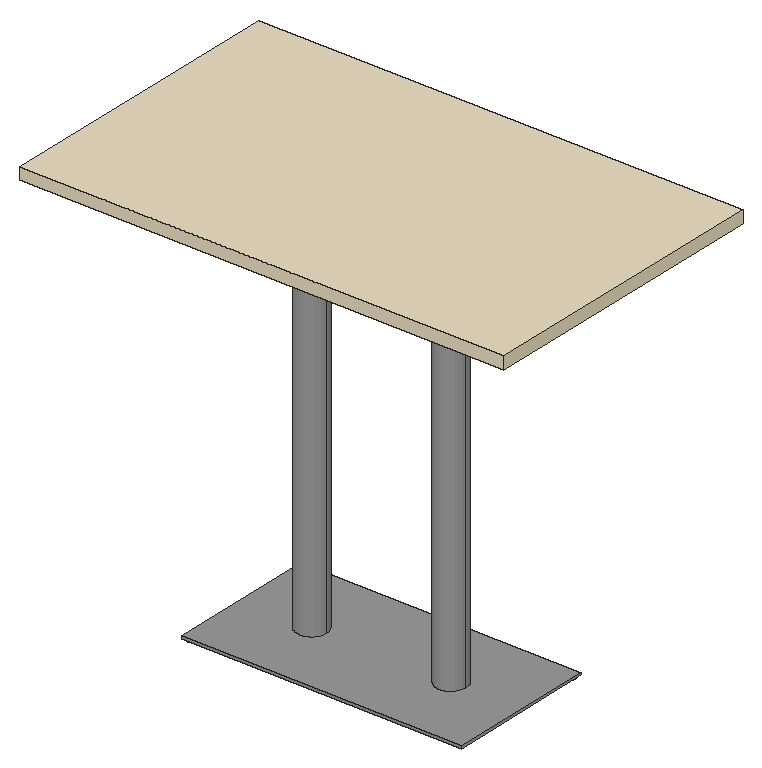
Revit family "FU_Table_Sandler_590AT-XT", category Furniture, Revit 2020
Family settings
  OmniClass Number = 23.40.20.00
  OmniClass Title = General Furniture and Specialties
  Work Plane-Based = No
  Always vertical = Yes
  Cut with Voids When Loaded = No
  Shared = No
  Room Calculation Point = No
Parameters (values of type "590AT-MT - 32x51" Top (80x130cm)")
  Width = 750 mm
  URL = "https://www.sandlerseating.com/product/591at-mt/"
  Top Size = FU_TableTops_MT Sqr : 32x52" Top (80x130cm)
  Top Finish [instance] = Wood - Beech - Honey Stained
  Model = "590AT-MT"
  Manufacturer = "Sandler"
  Height = 1100 mm
  Frame Finish [instance] = Metal - Steel - Polished
  Elevation = Height  # 1100 mm
  Description = "Double column table base in stainless steel."
  Depth = 400 mm
  Default Elevation = 0 mm
Types (4, lengths in mm): name | Top Size | Frame Finish
  590AT-MT - 28x48" Top (70x120cm) | FU_TableTops_MT Sqr : 28x48" Top (70x120cm) | Metal - Steel - Polished
  590AT-MT - 28x51" Top (70x130cm) | FU_TableTops_MT Sqr : 28x52" Top (70x130cm) | Metal - Steel - Matt-Satin
  590AT-MT - 32x48" Top (80x120cm) | FU_TableTops_MT Sqr : 32x48" Top (80x120cm) | Metal - Steel - Polished
  590AT-MT - 32x51" Top (80x130cm) | FU_TableTops_MT Sqr : 32x52" Top (80x130cm) | Metal - Steel - Polished
Reference planes
  plane 1 "Center (Front/Back)": y = 0
  plane 2: z = 0
  plane 3 "Center (Left/Right)": x = 0
  plane 4 "Right": x = -375
  plane 5 "Left": x = 375
  plane 6 "Back": y = 200
  plane 7 "Front": y = -200
  plane 8 "Height": z = 1100
  plane 9 "Glide height": z = 4
  plane 10 "LG H": y = 185.83
  plane 11: x = -360.83
  plane 12: x = -187.5
  plane 13: x = 187.5
Forms (mm)
  Extrusion 1, solid, material "Metal - Steel - Polished" <- "Frame Finish"
    sketch origin (0, 0, 4) x (-1, 0, 0) y (0, -1, 0)
      loop
        line (375, -200) -> (375, 200) -> (-375, 200) -> (-375, -200) -> (375, -200)
    from 0 to 6
  Revolve 2, solid, material "Rubber, Black"
    sketch origin (0, 185.83, 0) x (-1, 0, 0) y (0, 0, 1)
      loop
        line (372.33, 4) -> (360.83, 4) -> (360.83, 0) -> (370.33, 0)
        arc (370.33, 0) -> (371.744, 0.586) -> (372.33, 2) r 2
        line (372.33, 2) -> (372.33, 4)
      axis (360.83, 4) -> (360.83, 0)
    angle from 0 to 360
  Revolve 3, solid, material "Rubber, Black"
    sketch origin (0, 185.83, 0) x (1, 0, 0) y (0, 0, 1)
      loop
        line (372.33, 4) -> (362.33, 4) -> (362.33, 0) -> (370.33, 0)
        arc (370.33, 0) -> (371.744, 0.586) -> (372.33, 2) r 2
        line (372.33, 2) -> (372.33, 4)
      axis (362.33, 4) -> (362.33, 0)
    angle from 0 to 360
  Revolve 4, solid, material "Rubber, Black"
    sketch origin (0, -185.83, 0) x (-1, 0, 0) y (0, 0, -1)
      loop
        line (372.33, -4) -> (372.33, -2)
        arc (372.33, -2) -> (371.744, -0.586) -> (370.33, 0) r 2
        line (370.33, 0) -> (360.83, 0) -> (360.83, -4) -> (372.33, -4)
      axis (360.83, -4) -> (360.83, 0)
    angle from 0 to 360
  Revolve 5, solid, material "Rubber, Black"
    sketch origin (0, -185.83, 0) x (1, 0, 0) y (0, 0, 1)
      loop
        line (372.33, 4) -> (362.33, 4) -> (362.33, 0) -> (370.33, 0)
        arc (370.33, 0) -> (371.744, 0.586) -> (372.33, 2) r 2
        line (372.33, 2) -> (372.33, 4)
      axis (362.33, 4) -> (362.33, 0)
    angle from 0 to 360
  Revolve 6, solid, material "Rubber, Black"
    sketch origin (-360.83, 185.83, 0) x (1, 0, 0) y (0, 0, 1)
      loop
        line (370.83, 4) -> (360.83, 4) -> (360.83, 0) -> (368.83, 0)
        arc (368.83, 0) -> (370.244, 0.586) -> (370.83, 2) r 2
        line (370.83, 2) -> (370.83, 4)
      axis (360.83, 4) -> (360.83, 0)
    angle from 0 to 360
  Revolve 7, solid, material "Rubber, Black"
    sketch origin (-360.83, -185.83, 0) x (1, 0, 0) y (0, 0, 1)
      loop
        line (370.83, 4) -> (360.83, 4) -> (360.83, 0) -> (368.83, 0)
        arc (368.83, 0) -> (370.244, 0.586) -> (370.83, 2) r 2
        line (370.83, 2) -> (370.83, 4)
      axis (360.83, 4) -> (360.83, 0)
    angle from 0 to 360
  Extrusion 8, solid, material "Metal - Steel - Polished" <- "Frame Finish"
    sketch origin (0, 0, 4) x (-1, 0, 0) y (0, -1, 0)
      loop
        circle (187.5, 0) r 40
    from 6 to 1096
  Extrusion 9, solid, material "Metal - Steel - Polished" <- "Frame Finish"
    sketch origin (0, 0, 4) x (1, 0, 0) y (0, 1, 0)
      loop
        circle (187.5, 0) r 40
    from 6 to 1096
  Extrusion 10, solid, material "Metal - Steel - Polished" <- "Frame Finish"
    sketch origin (0, 0, 1100) x (-1, 0, 0) y (0, -1, 0)
      loop
        line (235.5, 44.024) -> (307.236, 117.26)
        arc (307.236, 117.26) -> (304.417, 120.065) -> (301.532, 122.802) r 167.789
        line (301.532, 122.802) -> (227.879, 47.718) -> (147.12, 47.718) -> (73.468, 122.802)
        arc (73.468, 122.802) -> (70.583, 120.065) -> (67.764, 117.26) r 167.789
        line (67.764, 117.26) -> (139.5, 44.024) -> (139.5, -44.024) -> (67.486, -116.038)
        arc (67.486, -116.038) -> (70.298, -118.884) -> (73.177, -121.661) r 166.741
        line (73.177, -121.661) -> (146.556, -48.282) -> (228.444, -48.282) -> (301.823, -121.661)
        arc (301.823, -121.661) -> (304.702, -118.884) -> (307.514, -116.038) r 166.741
        line (307.514, -116.038) -> (235.5, -44.024) -> (235.5, 44.024)
    from -5.84 to -20
  Extrusion 11, solid, material "Metal - Steel - Polished" <- "Frame Finish"
    sketch origin (0, 0, 1100) x (-1, 0, 0) y (0, -1, 0)
      loop
        arc (235.5, 9.198) -> (237.694, 20.46) -> (243.955, 30.074) r 30
        line (243.955, 30.074) -> (342.527, 133.309)
        arc (342.527, 133.309) -> (344.782, 138.939) -> (342.439, 144.533) r 8
        line (342.439, 144.533) -> (329.622, 157.35)
        arc (329.622, 157.35) -> (323.965, 159.693) -> (318.308, 157.35) r 8
        line (318.308, 157.35) -> (219.527, 57.069)
        arc (219.527, 57.069) -> (209.794, 50.566) -> (198.314, 48.282) r 30
        line (198.314, 48.282) -> (176.686, 48.282)
        arc (176.686, 48.282) -> (165.206, 50.566) -> (155.473, 57.069) r 30
        line (155.473, 57.069) -> (56.692, 157.35)
        arc (56.692, 157.35) -> (51.035, 159.693) -> (45.378, 157.35) r 8
        line (45.378, 157.35) -> (32.561, 144.533)
        arc (32.561, 144.533) -> (30.218, 138.939) -> (32.473, 133.309) r 8
        line (32.473, 133.309) -> (131.045, 30.074)
        arc (131.045, 30.074) -> (137.306, 20.46) -> (139.5, 9.198) r 30
        line (139.5, 9.198) -> (139.5, -9.198)
        arc (139.5, -9.198) -> (137.306, -20.46) -> (131.045, -30.074) r 30
        line (131.045, -30.074) -> (32.473, -131.809)
        arc (32.473, -131.809) -> (30.218, -137.439) -> (32.561, -143.033) r 8
        line (32.561, -143.033) -> (45.378, -155.85)
        arc (45.378, -155.85) -> (51.035, -158.193) -> (56.692, -155.85) r 8
        line (56.692, -155.85) -> (155.473, -57.069)
        arc (155.473, -57.069) -> (165.206, -50.566) -> (176.686, -48.282) r 30
        line (176.686, -48.282) -> (198.314, -48.282)
        arc (198.314, -48.282) -> (209.794, -50.566) -> (219.527, -57.069) r 30
        line (219.527, -57.069) -> (318.308, -155.85)
        arc (318.308, -155.85) -> (323.965, -158.193) -> (329.622, -155.85) r 8
        line (329.622, -155.85) -> (342.439, -143.033)
        arc (342.439, -143.033) -> (344.782, -137.439) -> (342.527, -131.809) r 8
        line (342.527, -131.809) -> (243.955, -30.074)
        arc (243.955, -30.074) -> (237.694, -20.46) -> (235.5, -9.198) r 30
        line (235.5, -9.198) -> (235.5, 9.198)
      loop
        line (53.101, -141.055) -> (62.998, -131.158)
        arc (62.998, -131.158) -> (62.998, -125.502) -> (57.342, -125.502) r 3.999
        line (57.342, -125.502) -> (47.445, -135.399)
        arc (47.445, -135.399) -> (47.5, -141.001) -> (53.101, -141.055) r 4
      loop
        arc (321.899, -141.055) -> (327.5, -141.001) -> (327.555, -135.399) r 4
        line (327.555, -135.399) -> (317.658, -125.502)
        arc (317.658, -125.502) -> (312.002, -125.502) -> (312.002, -131.158) r 3.999
        line (312.002, -131.158) -> (321.899, -141.055)
      loop
        arc (53.101, 142.555) -> (47.5, 142.501) -> (47.445, 136.899) r 4
        line (47.445, 136.899) -> (57.342, 127.002)
        arc (57.342, 127.002) -> (62.998, 127.002) -> (62.998, 132.658) r 3.999
        line (62.998, 132.658) -> (53.101, 142.555)
      loop
        line (321.899, 142.555) -> (312.002, 132.658)
        arc (312.002, 132.658) -> (312.002, 127.002) -> (317.658, 127.002) r 3.999
        line (317.658, 127.002) -> (327.555, 136.899)
        arc (327.555, 136.899) -> (327.5, 142.501) -> (321.899, 142.555) r 4
      loop
        circle (187.5, 0) r 7.5
    from -9.84 to 0
  Extrusion 12, solid, material "Metal - Steel - Polished" <- "Frame Finish"
    sketch origin (0, 0, 1100) x (1, 0, 0) y (0, 1, 0)
      loop
        line (235.5, -44.024) -> (235.5, 44.024) -> (309.014, 116.038)
        arc (309.014, 116.038) -> (306.203, 118.919) -> (303.323, 121.732) r 167.824
        line (303.323, 121.732) -> (228.444, 48.282) -> (146.556, 48.282) -> (73.177, 121.661)
        arc (73.177, 121.661) -> (70.298, 118.884) -> (67.486, 116.038) r 166.741
        line (67.486, 116.038) -> (139.5, 44.024) -> (139.5, -44.024) -> (67.764, -117.26)
        arc (67.764, -117.26) -> (70.583, -120.065) -> (73.468, -122.802) r 167.789
        line (73.468, -122.802) -> (147.12, -47.718) -> (227.879, -47.718) -> (303.032, -122.871)
        arc (303.032, -122.871) -> (305.917, -120.1) -> (308.736, -117.26) r 168.862
        line (308.736, -117.26) -> (235.5, -44.024)
    from -5.84 to -20
  Extrusion 13, solid, material "Metal - Steel - Polished" <- "Frame Finish"
    sketch origin (0, 0, 1100) x (1, 0, 0) y (0, 1, 0)
      loop
        line (235.5, -9.198) -> (235.5, 9.198)
        arc (235.5, 9.198) -> (237.694, 20.46) -> (243.955, 30.074) r 30
        line (243.955, 30.074) -> (344.027, 131.809)
        arc (344.027, 131.809) -> (346.282, 137.439) -> (343.939, 143.033) r 8
        line (343.939, 143.033) -> (331.122, 155.85)
        arc (331.122, 155.85) -> (325.465, 158.193) -> (319.808, 155.85) r 8
        line (319.808, 155.85) -> (219.527, 57.069)
        arc (219.527, 57.069) -> (209.794, 50.566) -> (198.314, 48.282) r 30
        line (198.314, 48.282) -> (176.686, 48.282)
        arc (176.686, 48.282) -> (165.206, 50.566) -> (155.473, 57.069) r 30
        line (155.473, 57.069) -> (56.692, 155.85)
        arc (56.692, 155.85) -> (51.035, 158.193) -> (45.378, 155.85) r 8
        line (45.378, 155.85) -> (32.561, 143.033)
        arc (32.561, 143.033) -> (30.218, 137.439) -> (32.473, 131.809) r 8
        line (32.473, 131.809) -> (131.045, 30.074)
        arc (131.045, 30.074) -> (137.306, 20.46) -> (139.5, 9.198) r 30
        line (139.5, 9.198) -> (139.5, -9.198)
        arc (139.5, -9.198) -> (137.306, -20.46) -> (131.045, -30.074) r 30
        line (131.045, -30.074) -> (32.473, -133.309)
        arc (32.473, -133.309) -> (30.218, -138.939) -> (32.561, -144.533) r 8
        line (32.561, -144.533) -> (45.378, -157.35)
        arc (45.378, -157.35) -> (51.035, -159.693) -> (56.692, -157.35) r 8
        line (56.692, -157.35) -> (155.473, -57.069)
        arc (155.473, -57.069) -> (165.206, -50.566) -> (176.686, -48.282) r 30
        line (176.686, -48.282) -> (198.314, -48.282)
        arc (198.314, -48.282) -> (209.794, -50.566) -> (219.527, -57.069) r 30
        line (219.527, -57.069) -> (319.808, -157.35)
        arc (319.808, -157.35) -> (325.465, -159.693) -> (331.122, -157.35) r 8
        line (331.122, -157.35) -> (343.939, -144.533)
        arc (343.939, -144.533) -> (346.282, -138.939) -> (344.027, -133.309) r 8
        line (344.027, -133.309) -> (243.955, -30.074)
        arc (243.955, -30.074) -> (237.694, -20.46) -> (235.5, -9.198) r 30
      loop
        arc (53.101, 141.055) -> (47.5, 141.001) -> (47.445, 135.399) r 4
        line (47.445, 135.399) -> (57.342, 125.502)
        arc (57.342, 125.502) -> (62.998, 125.502) -> (62.998, 131.158) r 3.999
        line (62.998, 131.158) -> (53.101, 141.055)
      loop
        line (323.399, 141.055) -> (313.502, 131.158)
        arc (313.502, 131.158) -> (313.502, 125.502) -> (319.158, 125.502) r 3.999
        line (319.158, 125.502) -> (329.055, 135.399)
        arc (329.055, 135.399) -> (329, 141.001) -> (323.399, 141.055) r 4
      loop
        line (53.101, -142.555) -> (62.998, -132.658)
        arc (62.998, -132.658) -> (62.998, -127.002) -> (57.342, -127.002) r 3.999
        line (57.342, -127.002) -> (47.445, -136.899)
        arc (47.445, -136.899) -> (47.5, -142.501) -> (53.101, -142.555) r 4
      loop
        arc (323.399, -142.555) -> (329, -142.501) -> (329.055, -136.899) r 4
        line (329.055, -136.899) -> (319.158, -127.002)
        arc (319.158, -127.002) -> (313.502, -127.002) -> (313.502, -132.658) r 3.999
        line (313.502, -132.658) -> (323.399, -142.555)
      loop
        circle (187.5, 0) r 7.5
    from -9.84 to 0
Cuts and joins
  joined: Extrusion 1, Extrusion 8, Extrusion 9, Extrusion 10, Extrusion 11, Extrusion 12, Extrusion 13
Dimensions and locks
  equal spacing: plane 4 "Right", plane 3 "Center (Left/Right)", plane 5 "Left"
  "Width": plane 4 "Right" to plane 5 "Left"
  equal spacing: plane 6 "Back", plane 1 "Center (Front/Back)", plane 7 "Front"
  "Depth": plane 6 "Back" to plane 7 "Front"
  "Height": plane 8 "Height" to level
  plane 9 "Glide height" to level = 4 mm
  aligned and locked: level to plane 2
  aligned and locked: plane 8 "Height" to cut or joined group of Extrusion 1, Extrusion 8, Extrusion 9, Extrusion 10, Extrusion 11, Extrusion 12, Extrusion 13  (x2)
Automatic sketch dimensions
  Extrusion 1 sketch curve to plane 5 "Left" = 0 mm
  Extrusion 1 sketch curve to plane 4 "Right" = 0 mm
  Extrusion 1 sketch curve to plane 6 "Back" = 0 mm
  Extrusion 1 sketch curve to plane 7 "Front" = 0 mm
  Revolve 2 sketch curve to plane 9 "Glide height" = 0 mm  (x2)
  plane 11 to Revolve 2 sketch curve = 0 mm  (x2)
  Revolve 2 sketch curve to level = 0 mm
  level to Revolve 2 sketch curve = 2 mm
  Revolve 2 sketch curve to plane 4 "Right" = 4.67 mm
  Revolve 2 sketch curve to level = 1.303 mm
  Revolve 3 sketch curve to plane 9 "Glide height" = 0 mm  (x2)
  Revolve 3 sketch curve to level = 0 mm
  Revolve 3 sketch curve to plane 5 "Left" = 12.67 mm
  Revolve 3 sketch curve to level = 2 mm
  Revolve 3 sketch curve to plane 5 "Left" = 4.67 mm
  Revolve 3 sketch curve to Revolve 3 sketch curve = 0 mm
  Revolve 3 sketch curve to Revolve 3 sketch curve = 1.303 mm
  Revolve 4 sketch curve to plane 9 "Glide height" = 0 mm  (x2)
  plane 11 to Revolve 4 sketch curve = 0 mm  (x2)
  Revolve 4 sketch curve to level = 0 mm
  level to Revolve 4 sketch curve = 2 mm
  Revolve 4 sketch curve to plane 4 "Right" = 4.67 mm
  Revolve 4 sketch curve to level = 1.303 mm
  Revolve 5 sketch curve to plane 9 "Glide height" = 0 mm  (x2)
  Revolve 5 sketch curve to level = 0 mm
  plane 5 "Left" to Revolve 5 sketch curve = 12.67 mm
  level to Revolve 5 sketch curve = 2 mm
  plane 5 "Left" to Revolve 5 sketch curve = 4.67 mm
  Revolve 5 sketch curve to Revolve 5 sketch curve = 0 mm
  Revolve 5 sketch curve to Revolve 5 sketch curve = 1.303 mm
  Revolve 6 sketch curve to plane 9 "Glide height" = 0 mm  (x2)
  Revolve 6 sketch curve to level = 0 mm
  plane 3 "Center (Left/Right)" to Revolve 6 sketch curve = 0 mm
  Revolve 6 sketch curve to level = 2 mm
  Revolve 6 sketch curve to plane 3 "Center (Left/Right)" = 8 mm
  Revolve 6 sketch curve to Revolve 6 sketch curve = 0 mm
  Revolve 6 sketch curve to Revolve 6 sketch curve = 1.303 mm
  Revolve 7 sketch curve to plane 9 "Glide height" = 0 mm  (x2)
  Revolve 7 sketch curve to level = 0 mm
  Revolve 7 sketch curve to plane 3 "Center (Left/Right)" = 0 mm
  level to Revolve 7 sketch curve = 2 mm
  plane 3 "Center (Left/Right)" to Revolve 7 sketch curve = 8 mm
  Revolve 7 sketch curve to Revolve 7 sketch curve = 0 mm
  Revolve 7 sketch curve to Revolve 7 sketch curve = 1.303 mm
  Extrusion 10 sketch curve to Extrusion 10 sketch curve = 0 mm  (x12)
  Extrusion 10 sketch curve to plane 12 = 0 mm
  Extrusion 10 sketch curve to plane 12 = 40.38 mm
  Extrusion 10 sketch curve to plane 12 = 40.944 mm
  Extrusion 10 sketch curve to Extrusion 10 sketch curve = 7.056 mm  (x2)
  Extrusion 10 sketch curve to plane 3 "Center (Left/Right)" = 73.468 mm
  Extrusion 10 sketch curve to plane 3 "Center (Left/Right)" = 73.177 mm
  Extrusion 10 sketch curve to Extrusion 10 sketch curve = 5.704 mm  (x2)
  Extrusion 10 sketch curve to Extrusion 10 sketch curve = 5.691 mm  (x2)
  plane 12 to Extrusion 10 sketch curve = 40.38 mm
  plane 12 to Extrusion 10 sketch curve = 40.944 mm
  Extrusion 10 sketch curve to plane 11 = 59.298 mm
  Extrusion 10 sketch curve to plane 11 = 59.007 mm
  Extrusion 10 sketch curve to plane 10 "LG H" = 64.169 mm  (x2)
  Extrusion 10 sketch curve to Extrusion 10 sketch curve = 5.623 mm
  Extrusion 10 sketch curve to plane 1 "Center (Front/Back)" = 48.282 mm
  Extrusion 10 sketch curve to Extrusion 10 sketch curve = 4.258 mm  (x2)
  plane 1 "Center (Front/Back)" to Extrusion 10 sketch curve = 44.024 mm  (x2)
  Extrusion 10 sketch curve to Extrusion 10 sketch curve = 3.693 mm
  plane 7 "Front" to Extrusion 10 sketch curve = 82.74 mm  (x2)
  plane 1 "Center (Front/Back)" to Extrusion 11 sketch curve = 0 mm
  Extrusion 11 sketch curve to plane 12 = 0 mm
  Extrusion 11 sketch curve to plane 12 = 10.814 mm  (x2)
  Extrusion 11 sketch curve to Extrusion 11 sketch curve = 21.213 mm  (x5)
  plane 1 "Center (Front/Back)" to Extrusion 11 sketch curve = 9.198 mm  (x2)
  Extrusion 11 sketch curve to plane 12 = 48 mm
  Extrusion 11 sketch curve to plane 1 "Center (Front/Back)" = 30.074 mm  (x2)
  Extrusion 11 sketch curve to Extrusion 11 sketch curve = 8.455 mm  (x4)
  plane 1 "Center (Front/Back)" to Extrusion 11 sketch curve = 30.074 mm  (x2)
  Extrusion 11 sketch curve to plane 1 "Center (Front/Back)" = 9.198 mm  (x2)
  Extrusion 11 sketch curve to plane 3 "Center (Left/Right)" = 62.998 mm  (x2)
  Extrusion 11 sketch curve to Extrusion 11 sketch curve = 2.828 mm  (x12)
  Extrusion 11 sketch curve to Extrusion 11 sketch curve = 6.306 mm  (x4)
  Extrusion 11 sketch curve to Extrusion 11 sketch curve = 9.897 mm  (x8)
  Extrusion 11 sketch curve to Extrusion 11 sketch curve = 5.657 mm  (x18)
  Extrusion 11 sketch curve to Extrusion 11 sketch curve = 2.773 mm  (x6)
  Extrusion 11 sketch curve to Extrusion 11 sketch curve = 2.883 mm  (x6)
  Extrusion 11 sketch curve to plane 10 "LG H" = 29.98 mm  (x2)
  Extrusion 11 sketch curve to Extrusion 11 sketch curve = 9.227 mm  (x4)
  Extrusion 11 sketch curve to Extrusion 11 sketch curve = 5.745 mm  (x4)
  plane 12 to Extrusion 11 sketch curve = 10.814 mm  (x2)
  plane 12 to Extrusion 11 sketch curve = 48 mm
  Extrusion 11 sketch curve to plane 11 = 48.828 mm  (x2)
  Extrusion 11 sketch curve to Extrusion 11 sketch curve = 12.817 mm  (x2)
  Extrusion 11 sketch curve to Extrusion 11 sketch curve = 9.138 mm  (x4)
  Extrusion 11 sketch curve to Extrusion 11 sketch curve = 48.208 mm
  Extrusion 11 sketch curve to Extrusion 11 sketch curve = 0 mm
  plane 1 "Center (Front/Back)" to Extrusion 11 sketch curve = 48.282 mm
  Extrusion 11 sketch curve to Extrusion 11 sketch curve = 8.787 mm  (x2)
  plane 7 "Front" to Extrusion 11 sketch curve = 72.998 mm  (x2)
  Extrusion 11 sketch curve to Extrusion 11 sketch curve = 6.307 mm  (x2)
  Extrusion 11 sketch curve to Extrusion 11 sketch curve = 5.567 mm  (x2)
  Extrusion 12 sketch curve to Extrusion 12 sketch curve = 0 mm  (x12)
  Extrusion 12 sketch curve to plane 3 "Center (Left/Right)" = 67.486 mm
  Extrusion 12 sketch curve to plane 3 "Center (Left/Right)" = 67.764 mm
  Extrusion 12 sketch curve to Extrusion 12 sketch curve = 5.691 mm  (x2)
  Extrusion 12 sketch curve to Extrusion 12 sketch curve = 5.704 mm  (x2)
  plane 1 "Center (Front/Back)" to Extrusion 12 sketch curve = 44.024 mm  (x2)
  Extrusion 12 sketch curve to Extrusion 12 sketch curve = 72.014 mm
  plane 1 "Center (Front/Back)" to Extrusion 12 sketch curve = 48.282 mm
  Extrusion 12 sketch curve to Extrusion 12 sketch curve = 7.056 mm  (x2)
  Extrusion 12 sketch curve to plane 1 "Center (Front/Back)" = 47.718 mm
  Extrusion 12 sketch curve to Extrusion 12 sketch curve = 7.62 mm
  plane 1 "Center (Front/Back)" to Extrusion 12 sketch curve = 0.282 mm
  Extrusion 12 sketch curve to Extrusion 12 sketch curve = 40.38 mm  (x2)
  Extrusion 12 sketch curve to Extrusion 12 sketch curve = 40.944 mm
  Extrusion 12 sketch curve to plane 5 "Left" = 71.968 mm
  Extrusion 12 sketch curve to plane 5 "Left" = 71.677 mm
  plane 10 "LG H" to Extrusion 12 sketch curve = 69.792 mm  (x2)
  Extrusion 12 sketch curve to Extrusion 12 sketch curve = 3.693 mm  (x2)
  Extrusion 12 sketch curve to plane 7 "Front" = 82.74 mm  (x2)
  plane 1 "Center (Front/Back)" to Extrusion 13 sketch curve = 0 mm
  Extrusion 13 sketch curve to plane 3 "Center (Left/Right)" = 32.473 mm  (x2)
  Extrusion 13 sketch curve to Extrusion 13 sketch curve = 0.089 mm  (x2)
  Extrusion 13 sketch curve to Extrusion 13 sketch curve = 5.745 mm  (x4)
  Extrusion 13 sketch curve to Extrusion 13 sketch curve = 12.817 mm  (x4)
  Extrusion 13 sketch curve to Extrusion 13 sketch curve = 9.227 mm  (x4)
  Extrusion 13 sketch curve to Extrusion 13 sketch curve = 2.883 mm  (x6)
  Extrusion 13 sketch curve to Extrusion 13 sketch curve = 5.657 mm  (x16)
  Extrusion 13 sketch curve to Extrusion 13 sketch curve = 2.773 mm  (x6)
  plane 10 "LG H" to Extrusion 13 sketch curve = 29.98 mm  (x2)
  Extrusion 13 sketch curve to Extrusion 13 sketch curve = 9.897 mm  (x8)
  Extrusion 13 sketch curve to Extrusion 13 sketch curve = 2.828 mm  (x12)
  plane 1 "Center (Front/Back)" to Extrusion 13 sketch curve = 9.198 mm  (x2)
  Extrusion 13 sketch curve to plane 3 "Center (Left/Right)" = 109.5 mm
  Extrusion 13 sketch curve to Extrusion 13 sketch curve = 0 mm
  Extrusion 13 sketch curve to plane 1 "Center (Front/Back)" = 30.074 mm  (x2)
  Extrusion 13 sketch curve to Extrusion 13 sketch curve = 21.545 mm  (x2)
  plane 1 "Center (Front/Back)" to Extrusion 13 sketch curve = 30.074 mm  (x2)
  Extrusion 13 sketch curve to plane 1 "Center (Front/Back)" = 57.069 mm  (x2)
  Extrusion 13 sketch curve to Extrusion 13 sketch curve = 24.427 mm  (x2)
  plane 1 "Center (Front/Back)" to Extrusion 13 sketch curve = 57.069 mm  (x2)
  Extrusion 13 sketch curve to Extrusion 13 sketch curve = 21.213 mm  (x5)
  Extrusion 13 sketch curve to Extrusion 13 sketch curve = 48 mm  (x2)
  Extrusion 13 sketch curve to Extrusion 13 sketch curve = 21.628 mm  (x2)
  Extrusion 13 sketch curve to plane 1 "Center (Front/Back)" = 9.198 mm
  Extrusion 13 sketch curve to Extrusion 13 sketch curve = 8.455 mm  (x2)
  Extrusion 13 sketch curve to plane 5 "Left" = 61.498 mm  (x2)
  Extrusion 13 sketch curve to Extrusion 13 sketch curve = 6.306 mm  (x2)
  Extrusion 13 sketch curve to Extrusion 13 sketch curve = 9.138 mm  (x4)
  Extrusion 13 sketch curve to Extrusion 13 sketch curve = 8.787 mm
  Extrusion 13 sketch curve to plane 7 "Front" = 72.998 mm  (x2)
  Extrusion 13 sketch curve to Extrusion 13 sketch curve = 6.307 mm  (x2)
  Extrusion 13 sketch curve to Extrusion 13 sketch curve = 5.567 mm  (x2)
  plane 1 "Center (Front/Back)" to Extrusion 8 sketch curve = 0 mm
  Extrusion 8 sketch curve to plane 12 = 0 mm
  plane 1 "Center (Front/Back)" to Extrusion 9 sketch curve = 0 mm
  Extrusion 9 sketch curve to plane 13 = 0 mm
  radius of Extrusion 11 sketch curve = 7.5 mm
  radius of Extrusion 13 sketch curve = 7.5 mm
  radius of Extrusion 8 sketch curve = 40 mm
  radius of Extrusion 9 sketch curve = 40 mm
Nested families
  nested 1: "FU_TableTops_MT Sqr" at (0, 0, 0), Top Elevation <- "Elevation", Top Finish <- "Top Finish", type <- "Top Size", type "32x52" Top (80x130cm)"
    with Top Finish Wood - Beech - Honey Stained, Top Elevation 1100 mm
Definition of nested family "FU_TableTops_MT Sqr"
  Parameters (values of type "24x48" Top (60x120cm)")
    Width = 1200 mm
    Top Finish [instance] = none
    Top Elevation [instance] = 1100 mm
    Depth = 600 mm
    Default Elevation = 0 mm
  Types (16, lengths in mm): name | Width | Depth
    28x48" Top (70x120cm) | 1200 | 700
    28x52" Top (70x130cm) | 1300 | 700
    32x48" Top (80x120cm) | 1200 | 800
    32x52" Top (80x130cm) | 1300 | 800
    28x55" Top (70x140cm) | 1400 | 700
    32x55" Top (80x140cm) | 1400 | 800
    24" Square (60cm) | 600 | 600
    28" Square (70cm) | 700 | 700
    32" Square (80cm) | 800 | 800
    36" Square (90cm) | 900 | 900
    40" Square (100cm) | 1000 | 1000
    44" Square (110cm) | 1100 | 1100
    28x44" Top (70x110cm) | 1100 | 700
    24x40" Top (60x100cm) | 1000 | 600
    24x44" Top (60x110cm) | 1100 | 600
    24x48" Top (60x120cm) | 1200 | 600
  Reference planes
    plane 1 "Center (Front/Back)": y = 0
    plane 2: z = 0
    plane 3 "Center (Left/Right)": x = 0
    plane 4 "Right": x = -600
    plane 5 "Left": x = 600
    plane 6 "Back": y = 300
    plane 7 "Front": y = -300
    plane 8 "Elevation": z = 1100
    plane 9 "Top Height": z = 1131.75
  Forms (mm)
    Extrusion 1, solid, material <- "Top Finish"
      sketch origin (0, 0, 1100) x (-1, 0, 0) y (0, -1, 0)
        loop
          line (600, -300) -> (600, 300) -> (-600, 300) -> (-600, -300) -> (600, -300)
      from 0 to 31.75
  Dimensions and locks
    equal spacing: plane 4 "Right", plane 3 "Center (Left/Right)", plane 5 "Left"
    "Width": plane 4 "Right" to plane 5 "Left"
    equal spacing: plane 6 "Back", plane 1 "Center (Front/Back)", plane 7 "Front"
    "Depth": plane 6 "Back" to plane 7 "Front"
    "Top Elevation": plane 8 "Elevation" to level
    locked: plane 9 "Top Height" to plane 8 "Elevation" at 31.75
    aligned and locked: level to plane 2
    aligned and locked: Extrusion 1 sketch curve to plane 6 "Back"
    aligned and locked: Extrusion 1 sketch curve to plane 4 "Right"
    aligned and locked: plane 7 "Front" to Extrusion 1 sketch curve
    aligned and locked: plane 5 "Left" to Extrusion 1 sketch curve
    aligned and locked: Extrusion 1 to plane 8 "Elevation"
    aligned and locked: plane 8 "Elevation" to Extrusion 1  (x2)
    aligned and locked: plane 9 "Top Height" to Extrusion 1
    aligned and locked: Extrusion 1 to plane 9 "Top Height"
